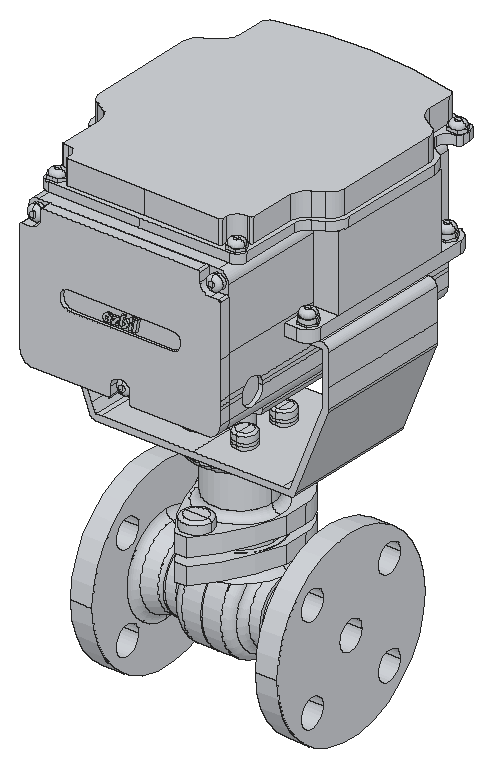
Revit family "電動二方弁_ver2019(ロゴあり)", category 電気設備, Revit 2019 (continued)
Automatic sketch dimensions
  Revolve 33 sketch curve to Revolve 33 sketch curve = 0 mm  (x3)
  Revolve 34 sketch curve to plane 1 "中心(正面/背面)" = 6.975 mm
  Revolve 34 sketch curve to Revolve 34 sketch curve = 5.525 mm
  level to Revolve 34 sketch curve = 125.7 mm
  Revolve 34 sketch curve to Revolve 34 sketch curve = 1.6 mm
  Revolve 34 sketch curve to Revolve 34 sketch curve = 3.2 mm
  Revolve 34 sketch curve to Revolve 34 sketch curve = 0 mm  (x3)
  Revolve 35 sketch curve to plane 3 "中心(左/右)" = 0 mm  (x2)
  Revolve 35 sketch curve to plane 3 "中心(左/右)" = 4.75 mm
  level to Revolve 35 sketch curve = 137.956 mm
  Revolve 35 sketch curve to Revolve 35 sketch curve = 1.544 mm
  Revolve 35 sketch curve to Revolve 35 sketch curve = 0 mm  (x2)
  Revolve 36 sketch curve to plane 3 "中心(左/右)" = 0 mm  (x2)
  Revolve 36 sketch curve to Revolve 36 sketch curve = 10.268 mm
  Revolve 36 sketch curve to Revolve 36 sketch curve = 8.578 mm
  Revolve 36 sketch curve to Revolve 36 sketch curve = 1.153 mm
  Revolve 36 sketch curve to Revolve 36 sketch curve = 6.678 mm
  Revolve 36 sketch curve to Revolve 36 sketch curve = 2.476 mm
  level to Revolve 36 sketch curve = 65.495 mm
  Revolve 36 sketch curve to Revolve 36 sketch curve = 2.236 mm
  Revolve 36 sketch curve to Revolve 36 sketch curve = 3.62 mm
  Revolve 36 sketch curve to Revolve 36 sketch curve = 4.769 mm
  Revolve 36 sketch curve to Revolve 36 sketch curve = 3.897 mm
  Revolve 36 sketch curve to Revolve 36 sketch curve = 0 mm  (x2)
  Extrusion 37 sketch curve to plane 3 "中心(左/右)" = 47 mm
  Extrusion 37 sketch curve to Extrusion 37 sketch curve = 2.5 mm
  Extrusion 37 sketch curve to Extrusion 37 sketch curve = 3 mm
  Extrusion 37 sketch curve to Extrusion 37 sketch curve = 1.558 mm
  plane 3 "中心(左/右)" to Extrusion 37 sketch curve = 44 mm
  Extrusion 37 sketch curve to Extrusion 37 sketch curve = 0.5 mm
  Extrusion 37 sketch curve to Extrusion 37 sketch curve = 0.525 mm
  Extrusion 37 sketch curve to Extrusion 37 sketch curve = 2.475 mm
  level to Extrusion 37 sketch curve = 164.5 mm
  Extrusion 37 sketch curve to Extrusion 37 sketch curve = 1.5 mm
  Extrusion 37 sketch curve to Extrusion 37 sketch curve = 1.652 mm
  Extrusion 37 sketch curve to Extrusion 37 sketch curve = 1.962 mm
  Revolve 38 sketch curve to plane 3 "中心(左/右)" = 0 mm  (x2)
  Revolve 38 sketch curve to plane 3 "中心(左/右)" = 5.688 mm
  Revolve 38 sketch curve to Revolve 38 sketch curve = 1.896 mm
  level to Revolve 38 sketch curve = 90.3 mm
  Revolve 38 sketch curve to Revolve 38 sketch curve = 3.216 mm
  Revolve 38 sketch curve to Revolve 38 sketch curve = 1.117 mm
  Revolve 38 sketch curve to Revolve 38 sketch curve = 0 mm  (x2)
  Revolve 39 sketch curve to plane 3 "中心(左/右)" = 0 mm  (x2)
  Revolve 39 sketch curve to plane 3 "中心(左/右)" = 16.5 mm
  Revolve 39 sketch curve to Revolve 39 sketch curve = 2 mm  (x2)
  Revolve 39 sketch curve to Revolve 39 sketch curve = 4 mm  (x2)
  level to Revolve 39 sketch curve = 90.3 mm
  Revolve 39 sketch curve to Revolve 39 sketch curve = 19 mm
  Revolve 39 sketch curve to Revolve 39 sketch curve = 0 mm  (x4)
  Revolve 40 sketch curve to plane 3 "中心(左/右)" = 0 mm  (x2)
  Revolve 40 sketch curve to plane 3 "中心(左/右)" = 4 mm
  level to Revolve 40 sketch curve = 77 mm
  Revolve 40 sketch curve to Revolve 40 sketch curve = 4.3 mm
  Revolve 40 sketch curve to Revolve 40 sketch curve = 1.5 mm
  Revolve 40 sketch curve to Revolve 40 sketch curve = 0 mm
  plane 3 "中心(左/右)" to Extrusion 41 sketch curve = 51.5 mm
  Extrusion 41 sketch curve to Extrusion 41 sketch curve = 5.8 mm
  Extrusion 41 sketch curve to Extrusion 41 sketch curve = 6 mm
  Extrusion 41 sketch curve to Extrusion 41 sketch curve = 6.5 mm
  Extrusion 41 sketch curve to Extrusion 41 sketch curve = 0.5 mm
  Extrusion 41 sketch curve to Extrusion 41 sketch curve = 3.7 mm
  Extrusion 41 sketch curve to Extrusion 41 sketch curve = 7 mm
  plane 1 "中心(正面/背面)" to Extrusion 41 sketch curve = 36.395 mm
  Extrusion 41 sketch curve to plane 1 "中心(正面/背面)" = 60.605 mm
  Extrusion 41 sketch curve to Extrusion 41 sketch curve = 0.7 mm
  Extrusion 41 sketch curve to Extrusion 41 sketch curve = 7.785 mm
  Extrusion 41 sketch curve to Extrusion 41 sketch curve = 2.098 mm
  Extrusion 41 sketch curve to Extrusion 41 sketch curve = 0 mm
  Extrusion 41 sketch curve to Extrusion 41 sketch curve = 1.226 mm
  Extrusion 42 sketch curve to plane 3 "中心(左/右)" = 51.5 mm
  Extrusion 42 sketch curve to Extrusion 42 sketch curve = 5.8 mm
  Extrusion 42 sketch curve to Extrusion 42 sketch curve = 6 mm
  Extrusion 42 sketch curve to Extrusion 42 sketch curve = 6.5 mm
  Extrusion 42 sketch curve to Extrusion 42 sketch curve = 0.5 mm
  Extrusion 42 sketch curve to Extrusion 42 sketch curve = 3.7 mm
  Extrusion 42 sketch curve to Extrusion 42 sketch curve = 7 mm
  Extrusion 42 sketch curve to plane 1 "中心(正面/背面)" = 69.302 mm
  Extrusion 42 sketch curve to Extrusion 42 sketch curve = 0.212 mm
  Extrusion 42 sketch curve to Extrusion 42 sketch curve = 7.997 mm
  Extrusion 42 sketch curve to Extrusion 42 sketch curve = 0.7 mm
  plane 1 "中心(正面/背面)" to Extrusion 42 sketch curve = 29.395 mm
  Extrusion 42 sketch curve to Extrusion 42 sketch curve = 0 mm
  Extrusion 42 sketch curve to Extrusion 42 sketch curve = 1.226 mm
  Extrusion 43 sketch curve to plane 3 "中心(左/右)" = 64.592 mm
  Extrusion 43 sketch curve to Extrusion 43 sketch curve = 3.729 mm
  Extrusion 43 sketch curve to Extrusion 43 sketch curve = 1.085 mm  (x2)
  Extrusion 43 sketch curve to Extrusion 43 sketch curve = 2.797 mm  (x4)
  Extrusion 43 sketch curve to Extrusion 43 sketch curve = 7.85 mm
  Extrusion 43 sketch curve to Extrusion 43 sketch curve = 2.643 mm
  Extrusion 43 sketch curve to level = 130.361 mm
  Extrusion 43 sketch curve to Extrusion 43 sketch curve = 1.447 mm
  Extrusion 44 sketch curve to plane 3 "中心(左/右)" = 28.5 mm
  plane 3 "中心(左/右)" to Extrusion 44 sketch curve = 28.5 mm
  level to Extrusion 44 sketch curve = 161 mm
  Extrusion 44 sketch curve to Extrusion 44 sketch curve = 0.788 mm
  Revolve 45 sketch curve to plane 3 "中心(左/右)" = 60.5 mm
  Revolve 45 sketch curve to Revolve 45 sketch curve = 2.25 mm
  level to Revolve 45 sketch curve = 197.236 mm
  Revolve 45 sketch curve to Revolve 45 sketch curve = 2.264 mm
  Revolve 45 sketch curve to Revolve 45 sketch curve = 0 mm
  Revolve 45 sketch curve to Revolve 45 sketch curve = 0.936 mm
  Revolve 45 sketch curve to Revolve 45 sketch curve = 1.8 mm
  Revolve 46 sketch curve to plane 3 "中心(左/右)" = 60.5 mm
  Revolve 46 sketch curve to Revolve 46 sketch curve = 2.25 mm
  level to Revolve 46 sketch curve = 197.236 mm
  Revolve 46 sketch curve to Revolve 46 sketch curve = 2.264 mm
  Revolve 46 sketch curve to Revolve 46 sketch curve = 0 mm
  Revolve 46 sketch curve to Revolve 46 sketch curve = 0.936 mm
  Revolve 46 sketch curve to Revolve 46 sketch curve = 1.8 mm
  plane 3 "中心(左/右)" to Revolve 47 sketch curve = 56.375 mm
  Revolve 47 sketch curve to Revolve 47 sketch curve = 2.25 mm
  level to Revolve 47 sketch curve = 197.236 mm
  Revolve 47 sketch curve to Revolve 47 sketch curve = 2.264 mm
  Revolve 47 sketch curve to Revolve 47 sketch curve = 0 mm
  Revolve 47 sketch curve to Revolve 47 sketch curve = 0.936 mm
  Revolve 47 sketch curve to Revolve 47 sketch curve = 1.8 mm
  plane 3 "中心(左/右)" to Revolve 48 sketch curve = 56.375 mm
  Revolve 48 sketch curve to Revolve 48 sketch curve = 2.25 mm
  level to Revolve 48 sketch curve = 197.236 mm
  Revolve 48 sketch curve to Revolve 48 sketch curve = 2.264 mm
  Revolve 48 sketch curve to Revolve 48 sketch curve = 0 mm
  Revolve 48 sketch curve to Revolve 48 sketch curve = 0.936 mm
  Revolve 48 sketch curve to Revolve 48 sketch curve = 1.8 mm
  Extrusion 49 sketch curve to plane 1 "中心(正面/背面)" = 25.952 mm
  Extrusion 49 sketch curve to plane 3 "中心(左/右)" = 74.125 mm
  Extrusion 49 sketch curve to plane 1 "中心(正面/背面)" = 13.532 mm  (x2)
  Extrusion 49 sketch curve to plane 3 "中心(左/右)" = 23 mm
  Extrusion 49 sketch curve to plane 3 "中心(左/右)" = 6.954 mm
  Extrusion 49 sketch curve to plane 3 "中心(左/右)" = 3.046 mm
  Extrusion 49 sketch curve to plane 3 "中心(左/右)" = 1.923 mm
  plane 3 "中心(左/右)" to Extrusion 49 sketch curve = 1.923 mm
  plane 3 "中心(左/右)" to Extrusion 49 sketch curve = 3.046 mm
  plane 3 "中心(左/右)" to Extrusion 49 sketch curve = 6.954 mm
  Extrusion 49 sketch curve to Extrusion 49 sketch curve = 51.125 mm
  Extrusion 49 sketch curve to plane 1 "中心(正面/背面)" = 1.214 mm  (x2)
  Revolve 50 sketch curve to plane 3 "中心(左/右)" = 0 mm  (x2)
  Revolve 50 sketch curve to plane 3 "中心(左/右)" = 23 mm
  Revolve 50 sketch curve to Revolve 50 sketch curve = 2 mm  (x2)
  level to Revolve 50 sketch curve = 115.3 mm
  Revolve 50 sketch curve to Revolve 50 sketch curve = 5.2 mm
  Revolve 50 sketch curve to Revolve 50 sketch curve = 0.2 mm
  Extrusion 51 sketch curve to plane 1 "中心(正面/背面)" = 25.952 mm
  Extrusion 51 sketch curve to plane 3 "中心(左/右)" = 74.125 mm
  Extrusion 51 sketch curve to plane 1 "中心(正面/背面)" = 13.532 mm  (x2)
  Extrusion 51 sketch curve to plane 3 "中心(左/右)" = 23 mm
  Extrusion 51 sketch curve to plane 3 "中心(左/右)" = 6.954 mm
  Extrusion 51 sketch curve to plane 3 "中心(左/右)" = 3.046 mm
  Extrusion 51 sketch curve to plane 3 "中心(左/右)" = 1.923 mm
  plane 3 "中心(左/右)" to Extrusion 51 sketch curve = 1.923 mm
  plane 3 "中心(左/右)" to Extrusion 51 sketch curve = 3.046 mm
  plane 3 "中心(左/右)" to Extrusion 51 sketch curve = 6.954 mm
  Extrusion 51 sketch curve to Extrusion 51 sketch curve = 51.125 mm
  Extrusion 51 sketch curve to plane 1 "中心(正面/背面)" = 1.214 mm  (x2)
  Revolve 52 sketch curve to plane 3 "中心(左/右)" = 0 mm  (x2)
  Revolve 52 sketch curve to plane 3 "中心(左/右)" = 17.5 mm
  level to Revolve 52 sketch curve = 77 mm
  Revolve 52 sketch curve to Revolve 52 sketch curve = 4.3 mm
  Revolve 52 sketch curve to Revolve 52 sketch curve = 0 mm  (x2)
  Extrusion 53 sketch curve to plane 1 "中心(正面/背面)" = 24.749 mm
  level to Extrusion 53 sketch curve = 72.249 mm
  Extrusion 54 sketch curve to plane 1 "中心(正面/背面)" = 24.749 mm
  level to Extrusion 54 sketch curve = 22.751 mm
  plane 1 "中心(正面/背面)" to Extrusion 55 sketch curve = 24.749 mm
  level to Extrusion 55 sketch curve = 22.751 mm
  plane 1 "中心(正面/背面)" to Extrusion 56 sketch curve = 24.749 mm
  level to Extrusion 56 sketch curve = 22.751 mm
  Extrusion 57 sketch curve to plane 1 "中心(正面/背面)" = 0 mm
  level to Extrusion 57 sketch curve = 47.5 mm
  plane 1 "中心(正面/背面)" to Revolve 58 sketch curve = 75.7 mm
  Revolve 58 sketch curve to Revolve 58 sketch curve = 2 mm
  Revolve 58 sketch curve to Revolve 58 sketch curve = 0.6 mm
  level to Revolve 58 sketch curve = 238.5 mm
  Revolve 58 sketch curve to Revolve 58 sketch curve = 1.75 mm
  Revolve 58 sketch curve to Revolve 58 sketch curve = 0 mm  (x3)
  plane 1 "中心(正面/背面)" to Revolve 59 sketch curve = 73.1 mm
  Revolve 59 sketch curve to Revolve 59 sketch curve = 1.6 mm
  level to Revolve 59 sketch curve = 238.5 mm
  Revolve 59 sketch curve to Revolve 59 sketch curve = 3.75 mm
  Revolve 59 sketch curve to Revolve 59 sketch curve = 0 mm  (x3)
  plane 1 "中心(正面/背面)" to Revolve 60 sketch curve = 75.7 mm
  Revolve 60 sketch curve to Revolve 60 sketch curve = 2 mm
  Revolve 60 sketch curve to Revolve 60 sketch curve = 0.6 mm
  level to Revolve 60 sketch curve = 238.5 mm
  Revolve 60 sketch curve to Revolve 60 sketch curve = 1.75 mm
  Revolve 60 sketch curve to Revolve 60 sketch curve = 0 mm  (x3)
  plane 1 "中心(正面/背面)" to Revolve 61 sketch curve = 73.1 mm
  Revolve 61 sketch curve to Revolve 61 sketch curve = 1.6 mm
  level to Revolve 61 sketch curve = 238.5 mm
  Revolve 61 sketch curve to Revolve 61 sketch curve = 3.75 mm
  Revolve 61 sketch curve to Revolve 61 sketch curve = 0 mm  (x3)
  plane 1 "中心(正面/背面)" to Revolve 62 sketch curve = 75.7 mm
  Revolve 62 sketch curve to Revolve 62 sketch curve = 2 mm
  Revolve 62 sketch curve to Revolve 62 sketch curve = 0.6 mm
  level to Revolve 62 sketch curve = 174.5 mm
  Revolve 62 sketch curve to Revolve 62 sketch curve = 1.75 mm
  Revolve 62 sketch curve to Revolve 62 sketch curve = 0 mm  (x3)
  plane 1 "中心(正面/背面)" to Revolve 63 sketch curve = 73.1 mm
  Revolve 63 sketch curve to Revolve 63 sketch curve = 1.6 mm
  level to Revolve 63 sketch curve = 174.5 mm
  Revolve 63 sketch curve to Revolve 63 sketch curve = 3.75 mm
  Revolve 63 sketch curve to Revolve 63 sketch curve = 0 mm  (x3)
  Extrusion 64 sketch curve to plane 3 "中心(左/右)" = 65 mm
  Extrusion 64 sketch curve to Extrusion 64 sketch curve = 13.382 mm
  Extrusion 64 sketch curve to Extrusion 64 sketch curve = 5.3 mm  (x2)
  level to Extrusion 64 sketch curve = 205.5 mm
  Extrusion 64 sketch curve to Extrusion 64 sketch curve = 33.2 mm
  Extrusion 64 sketch curve to Extrusion 64 sketch curve = 0 mm
  Extrusion 65 sketch curve to plane 3 "中心(左/右)" = 65 mm
  Extrusion 65 sketch curve to Extrusion 65 sketch curve = 13.382 mm
  Extrusion 65 sketch curve to Extrusion 65 sketch curve = 5.3 mm  (x2)
  Extrusion 65 sketch curve to level = 205.5 mm
  Extrusion 65 sketch curve to Extrusion 65 sketch curve = 33.2 mm
  Extrusion 65 sketch curve to Extrusion 65 sketch curve = 0 mm
  Extrusion 66 sketch curve to plane 3 "中心(左/右)" = 7.352 mm
  Extrusion 66 sketch curve to Extrusion 66 sketch curve = 0.489 mm
  Extrusion 66 sketch curve to Extrusion 66 sketch curve = 0.491 mm
  Extrusion 66 sketch curve to Extrusion 66 sketch curve = 0.142 mm
  Extrusion 66 sketch curve to Extrusion 66 sketch curve = 0.117 mm
  Extrusion 66 sketch curve to Extrusion 66 sketch curve = 0.229 mm
  Extrusion 66 sketch curve to Extrusion 66 sketch curve = 1.394 mm
  Extrusion 66 sketch curve to Extrusion 66 sketch curve = 0.569 mm
  Extrusion 66 sketch curve to Extrusion 66 sketch curve = 0.155 mm
  Extrusion 66 sketch curve to Extrusion 66 sketch curve = 0.378 mm
  Extrusion 66 sketch curve to Extrusion 66 sketch curve = 0.2 mm
  Extrusion 66 sketch curve to Extrusion 66 sketch curve = 1.855 mm
  Extrusion 66 sketch curve to Extrusion 66 sketch curve = 1.579 mm
  Extrusion 66 sketch curve to plane 3 "中心(左/右)" = 0.981 mm
  Extrusion 66 sketch curve to plane 3 "中心(左/右)" = 0.781 mm
  Extrusion 66 sketch curve to plane 3 "中心(左/右)" = 0.508 mm
  Extrusion 66 sketch curve to plane 3 "中心(左/右)" = 0.342 mm
  Extrusion 66 sketch curve to plane 3 "中心(左/右)" = 0.164 mm
  plane 3 "中心(左/右)" to Extrusion 66 sketch curve = 0.657 mm
  plane 3 "中心(左/右)" to Extrusion 66 sketch curve = 1.092 mm
  Extrusion 66 sketch curve to Extrusion 66 sketch curve = 0.289 mm
  Extrusion 66 sketch curve to Extrusion 66 sketch curve = 0.328 mm
  Extrusion 66 sketch curve to Extrusion 66 sketch curve = 0.178 mm
  Extrusion 66 sketch curve to Extrusion 66 sketch curve = 1.372 mm  (x3)
  Extrusion 66 sketch curve to Extrusion 66 sketch curve = 0.631 mm
  Extrusion 66 sketch curve to Extrusion 66 sketch curve = 1.319 mm
  Extrusion 66 sketch curve to Extrusion 66 sketch curve = 1.671 mm
  Extrusion 66 sketch curve to Extrusion 66 sketch curve = 2.215 mm
  Extrusion 66 sketch curve to Extrusion 66 sketch curve = 0.082 mm
  Extrusion 66 sketch curve to Extrusion 66 sketch curve = 1.435 mm
  Extrusion 66 sketch curve to Extrusion 66 sketch curve = 0.804 mm
  Extrusion 66 sketch curve to Extrusion 66 sketch curve = 2.601 mm
  Extrusion 66 sketch curve to Extrusion 66 sketch curve = 1.371 mm
  Extrusion 66 sketch curve to Extrusion 66 sketch curve = 1.566 mm
  level to Extrusion 66 sketch curve = 202.767 mm
  Extrusion 66 sketch curve to Extrusion 66 sketch curve = 0.735 mm
  Extrusion 66 sketch curve to Extrusion 66 sketch curve = 0.019 mm
  Extrusion 66 sketch curve to Extrusion 66 sketch curve = 0.754 mm  (x2)
  Extrusion 66 sketch curve to Extrusion 66 sketch curve = 0 mm  (x2)
  Extrusion 66 sketch curve to Extrusion 66 sketch curve = 0.88 mm
  Extrusion 66 sketch curve to Extrusion 66 sketch curve = 1.02 mm
  Extrusion 66 sketch curve to Extrusion 66 sketch curve = 1.135 mm
  Extrusion 66 sketch curve to Extrusion 66 sketch curve = 0.115 mm
  Extrusion 66 sketch curve to Extrusion 66 sketch curve = 0.255 mm
  Extrusion 66 sketch curve to Extrusion 66 sketch curve = 0.417 mm
  Extrusion 66 sketch curve to Extrusion 66 sketch curve = 0.589 mm
  Extrusion 66 sketch curve to Extrusion 66 sketch curve = 0.605 mm
  Extrusion 66 sketch curve to Extrusion 66 sketch curve = 1.352 mm
  Extrusion 66 sketch curve to Extrusion 66 sketch curve = 0.664 mm
  Extrusion 66 sketch curve to Extrusion 66 sketch curve = 0.822 mm
  Extrusion 66 sketch curve to Extrusion 66 sketch curve = 1.703 mm
  Extrusion 66 sketch curve to Extrusion 66 sketch curve = 0.199 mm
  Extrusion 66 sketch curve to Extrusion 66 sketch curve = 0.423 mm
  Extrusion 66 sketch curve to Extrusion 66 sketch curve = 1.398 mm
  Extrusion 66 sketch curve to Extrusion 66 sketch curve = 0.361 mm
  Extrusion 66 sketch curve to Extrusion 66 sketch curve = 1.151 mm
  Extrusion 66 sketch curve to Extrusion 66 sketch curve = 0.851 mm
  Extrusion 66 sketch curve to Extrusion 66 sketch curve = 2.516 mm
  Extrusion 66 sketch curve to Extrusion 66 sketch curve = 1.991 mm
  Extrusion 66 sketch curve to Extrusion 66 sketch curve = 1.645 mm
  Extrusion 66 sketch curve to Extrusion 66 sketch curve = 0.338 mm
  plane 3 "中心(左/右)" to Extrusion 66 sketch curve = 0.171 mm
  Extrusion 66 sketch curve to Extrusion 66 sketch curve = 0.13 mm
  Extrusion 66 sketch curve to Extrusion 66 sketch curve = 0.662 mm
  Extrusion 66 sketch curve to Extrusion 66 sketch curve = 1.164 mm
  Extrusion 67 sketch curve to plane 3 "中心(左/右)" = 7.567 mm
  plane 3 "中心(左/右)" to Extrusion 67 sketch curve = 1.228 mm
  level to Extrusion 67 sketch curve = 204.646 mm
  Extrusion 67 sketch curve to Extrusion 67 sketch curve = 0.831 mm  (x2)
  Extrusion 67 sketch curve to Extrusion 67 sketch curve = 0.039 mm
  Extrusion 68 sketch curve to plane 3 "中心(左/右)" = 25.841 mm
  plane 3 "中心(左/右)" to Extrusion 68 sketch curve = 26.159 mm
  level to Extrusion 68 sketch curve = 201.5 mm
  Extrusion 68 sketch curve to Extrusion 68 sketch curve = 5 mm
  Revolve 69 sketch curve to plane 3 "中心(左/右)" = 61.28 mm
  Revolve 69 sketch curve to Revolve 69 sketch curve = 1.501 mm
  Revolve 69 sketch curve to Revolve 69 sketch curve = 1.75 mm
  level to Revolve 69 sketch curve = 208.5 mm
  Revolve 69 sketch curve to Revolve 69 sketch curve = 1.322 mm
  Revolve 69 sketch curve to Revolve 69 sketch curve = 0 mm  (x2)
  Revolve 69 sketch curve to Revolve 69 sketch curve = 0.722 mm
  Extrusion 70 sketch curve to plane 3 "中心(左/右)" = 58 mm
  Extrusion 70 sketch curve to plane 1 "中心(正面/背面)" = 59.98 mm
  Extrusion 71 sketch curve to plane 3 "中心(左/右)" = 62.907 mm
  Extrusion 71 sketch curve to Extrusion 71 sketch curve = 2.454 mm  (x5)
  Extrusion 71 sketch curve to Extrusion 71 sketch curve = 4.907 mm
  Extrusion 71 sketch curve to plane 1 "中心(正面/背面)" = 55.73 mm
  Extrusion 71 sketch curve to Extrusion 71 sketch curve = 4.25 mm  (x3)
  Revolve 72 sketch curve to plane 3 "中心(左/右)" = 61.28 mm
  Revolve 72 sketch curve to Revolve 72 sketch curve = 1.501 mm
  Revolve 72 sketch curve to Revolve 72 sketch curve = 1.75 mm
  level to Revolve 72 sketch curve = 208.5 mm
  Revolve 72 sketch curve to Revolve 72 sketch curve = 1.322 mm
  Revolve 72 sketch curve to Revolve 72 sketch curve = 0 mm  (x2)
  Revolve 72 sketch curve to Revolve 72 sketch curve = 0.722 mm
  plane 3 "中心(左/右)" to Extrusion 73 sketch curve = 58.5 mm
  plane 1 "中心(正面/背面)" to Extrusion 73 sketch curve = 29.395 mm
  plane 3 "中心(左/右)" to Extrusion 74 sketch curve = 53.593 mm
  plane 1 "中心(正面/背面)" to Extrusion 74 sketch curve = 25.145 mm
  Extrusion 74 sketch curve to Extrusion 74 sketch curve = 2.454 mm  (x5)
  Extrusion 74 sketch curve to Extrusion 74 sketch curve = 4.907 mm
  plane 1 "中心(正面/背面)" to Extrusion 74 sketch curve = 29.395 mm
  Extrusion 74 sketch curve to Extrusion 74 sketch curve = 4.25 mm  (x2)
  plane 3 "中心(左/右)" to Revolve 75 sketch curve = 55.22 mm
  Revolve 75 sketch curve to Revolve 75 sketch curve = 1.501 mm
  Revolve 75 sketch curve to Revolve 75 sketch curve = 1.75 mm
  level to Revolve 75 sketch curve = 208.5 mm
  Revolve 75 sketch curve to Revolve 75 sketch curve = 1.322 mm
  Revolve 75 sketch curve to Revolve 75 sketch curve = 0 mm  (x2)
  Revolve 75 sketch curve to Revolve 75 sketch curve = 0.722 mm
  plane 3 "中心(左/右)" to Extrusion 76 sketch curve = 58.5 mm
  Extrusion 76 sketch curve to plane 1 "中心(正面/背面)" = 59.98 mm
  plane 3 "中心(左/右)" to Extrusion 77 sketch curve = 53.593 mm
  Extrusion 77 sketch curve to Extrusion 77 sketch curve = 2.454 mm  (x5)
  Extrusion 77 sketch curve to Extrusion 77 sketch curve = 4.907 mm
  Extrusion 77 sketch curve to plane 1 "中心(正面/背面)" = 55.73 mm
  Extrusion 77 sketch curve to Extrusion 77 sketch curve = 4.25 mm  (x3)
  plane 3 "中心(左/右)" to Revolve 78 sketch curve = 55.22 mm
  Revolve 78 sketch curve to Revolve 78 sketch curve = 1.501 mm
  Revolve 78 sketch curve to Revolve 78 sketch curve = 1.75 mm
  level to Revolve 78 sketch curve = 208.5 mm
  Revolve 78 sketch curve to Revolve 78 sketch curve = 1.322 mm
  Revolve 78 sketch curve to Revolve 78 sketch curve = 0 mm  (x2)
  Revolve 78 sketch curve to Revolve 78 sketch curve = 0.722 mm
  plane 3 "中心(左/右)" to Revolve 79 sketch curve = 50.936 mm
  Revolve 79 sketch curve to Revolve 79 sketch curve = 1.908 mm
  Revolve 79 sketch curve to Revolve 79 sketch curve = 1.75 mm
  level to Revolve 79 sketch curve = 250.1 mm
  Revolve 79 sketch curve to Revolve 79 sketch curve = 0.6 mm
  Revolve 79 sketch curve to Revolve 79 sketch curve = 0 mm  (x3)
  Revolve 80 sketch curve to plane 3 "中心(左/右)" = 57.314 mm
  Revolve 80 sketch curve to Revolve 80 sketch curve = 1.908 mm
  Revolve 80 sketch curve to Revolve 80 sketch curve = 1.75 mm
  level to Revolve 80 sketch curve = 250.1 mm
  Revolve 80 sketch curve to Revolve 80 sketch curve = 0.6 mm
  Revolve 80 sketch curve to Revolve 80 sketch curve = 0 mm  (x3)
  plane 3 "中心(左/右)" to Extrusion 81 sketch curve = 49.531 mm
  Extrusion 81 sketch curve to Extrusion 81 sketch curve = 2.133 mm  (x2)
  Extrusion 81 sketch curve to Extrusion 81 sketch curve = 2.177 mm
  Extrusion 81 sketch curve to Extrusion 81 sketch curve = 2.731 mm  (x2)
  Extrusion 81 sketch curve to Extrusion 81 sketch curve = 5.55 mm
  Extrusion 81 sketch curve to plane 1 "中心(正面/背面)" = 68.153 mm
  Extrusion 81 sketch curve to Extrusion 81 sketch curve = 3.694 mm  (x2)
  Extrusion 81 sketch curve to Extrusion 81 sketch curve = 3.771 mm
  Extrusion 82 sketch curve to plane 3 "中心(左/右)" = 58.719 mm
  Extrusion 82 sketch curve to Extrusion 82 sketch curve = 2.133 mm  (x2)
  Extrusion 82 sketch curve to Extrusion 82 sketch curve = 2.177 mm
  Extrusion 82 sketch curve to Extrusion 82 sketch curve = 2.731 mm  (x2)
  Extrusion 82 sketch curve to Extrusion 82 sketch curve = 5.55 mm
  Extrusion 82 sketch curve to plane 1 "中心(正面/背面)" = 68.153 mm
  Extrusion 82 sketch curve to Extrusion 82 sketch curve = 3.694 mm  (x2)
  Extrusion 82 sketch curve to Extrusion 82 sketch curve = 3.771 mm
  Extrusion 1 sketch curve to plane 1 "中心(正面/背面)" = 0 mm
  level to Extrusion 1 sketch curve = 47.437 mm
  Extrusion 7 sketch curve to plane 1 "中心(正面/背面)" = 0 mm
  level to Extrusion 7 sketch curve = 47.437 mm
  plane 1 "中心(正面/背面)" to Extrusion 83 sketch curve = 56.39 mm
  level to Extrusion 83 sketch curve = 182.782 mm
  plane 1 "中心(正面/背面)" to Extrusion 84 sketch curve = 56.39 mm
  level to Extrusion 84 sketch curve = 182.782 mm
  radius of Extrusion 2 sketch curve = 7.5 mm
  radius of Extrusion 3 sketch curve = 7.5 mm
  radius of Extrusion 4 sketch curve = 7.5 mm
  radius of Extrusion 5 sketch curve = 7.5 mm
  radius of Extrusion 6 sketch curve = 7.5 mm
  radius of Extrusion 8 sketch curve = 7.5 mm
  radius of Extrusion 12 sketch curve = 4.25 mm
  radius of Extrusion 53 sketch curve = 7.5 mm
  radius of Extrusion 54 sketch curve = 7.5 mm
  radius of Extrusion 55 sketch curve = 7.5 mm
  radius of Extrusion 56 sketch curve = 7.5 mm
  radius of Extrusion 57 sketch curve = 7.5 mm
  radius of Extrusion 70 sketch curve = 4.25 mm
  radius of Extrusion 73 sketch curve = 4.25 mm
  radius of Extrusion 76 sketch curve = 4.25 mm
Connectors
  cabletrayconduit at (-48.8, -56.39, 182.782), diameter 14.031, driven by "配線φ(左側)"
    settings: on cut or joined group of Extrusion 22, Extrusion 83, Extrusion 84, index 3, connector width 300 mm, connector height 300 mm, connector angle 0.00°, system type 32, placement type 0, profile type 0, connector reference index -1, is primary connector yes, connector utility param no, connector description ""
  cabletrayconduit at (-48.8, -56.39, 182.782), diameter 14.031, driven by "配線φ(左側)"
    settings: on cut or joined group of Extrusion 22, Extrusion 83, Extrusion 84, index 4, connector width 300 mm, connector height 300 mm, connector angle 0.00°, system type 32, placement type 0, profile type 0, connector reference index -1, is primary connector no, connector utility param no, connector description ""
  cabletrayconduit at (48.8, -56.39, 182.782), diameter 14.031, driven by "配線φ(右側)"
    settings: on cut or joined group of Extrusion 22, Extrusion 83, Extrusion 84, index 5, connector width 300 mm, connector height 300 mm, connector angle 0.00°, system type 32, placement type 0, profile type 0, connector reference index -1, is primary connector no, connector utility param no, connector description ""
